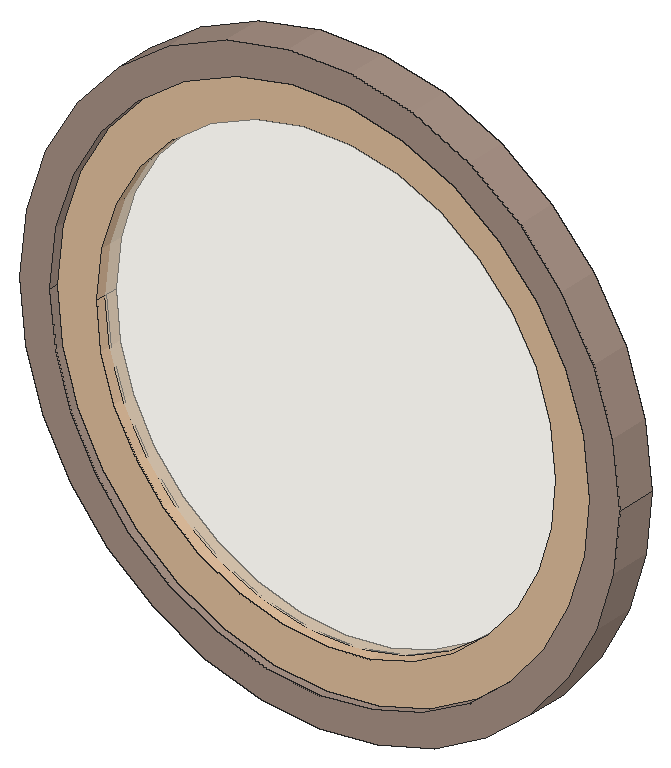
Revit family
Parameters (values of type "900 mm dia.")
  Shutter = Light Wood
  Radius = 450 mm
  Height = 900 mm
  Glass = Glass (2)
  Frame Depth = 60 mm
  Frame = Dark Wood
  Default Sill Height = 800 mm
  Wall Closure = (empty or 0)
  Width = 2 * Radius  # 900 mm
  Centre = Radius + Default Sill Height  # 1250 mm
Types (4, lengths in mm): name | Radius | Height | Width | Centre
  (no name) | 450 | 900 | 900 | 1250
  750 mm dia. | 375 | 1200 | 750 | 1175
  900 mm dia. | 450 | 900 | 900 | 1250
  1000 mm dia. | 500 | 1000 | 1000 | 1300
Reference planes
  plane 1: y = 0
  plane 2 "Center (Left/Right)": x = 0
  plane 3 "Exterior": y = 75
  plane 4 "Interior": y = -75
  plane 5: z = 1250
  plane 6: y = 30
  plane 7: y = -30
  plane 8: z = 800
  plane 9: x = 450
  plane 10: x = -450
  plane 11: x = -305
  plane 12: x = 305
Forms (mm)
  Sweep 1, solid, material "Dark Wood" <- "Frame"
    path origin (0, 0, 0) x (1, 0, 0) y (0, 0, 1)
      loop
        circle (0, 1250) r 450
    profile origin (0, 0, 0) x (0, 0, -1) y (0, -1, 0)
      loop
        line (-1700, 30) -> (-1700, -30) -> (-1655, -30) -> (-1655, 30) -> (-1700, 30)
  Extrusion 2, solid, material "Light Wood" <- "Shutter"
    sketch origin (0, 0, 0) x (1, 0, 0) y (0, 0, 1)
      loop
        circle (0, 1250) r 405
      loop
        circle (0, 1250) r 345
    from -17.5 to 17.5
  Extrusion 3, solid, material "Glass (2)" <- "Glass"
    sketch origin (0, 0, 0) x (1, 0, 0) y (0, 0, 1)
      loop
        circle (0, 1250) r 345
    from -2 to 2
Lines and regions (mm)
  Opening 1
    outline origin (3500, -75, 0) x (1, 0, 0) y (0, 0, 1)
      loop
        circle (-3500, 1250) r 450
  symbolic lines, style "WindowsFrameMullionProjection"
    curve 1: line (-405, 30, 0) -> (-405, -30, 0)
    curve 2: line (-405, -30, 0) -> (-450, -30, 0)
    curve 3: line (-450, -30, 0) -> (-450, 30, 0)
    curve 4: line (-450, 30, 0) -> (-405, 30, 0)
    curve 5: line (450, 30, 0) -> (405, 30, 0)
    curve 6: line (450, -30, 0) -> (450, 30, 0)
    curve 7: line (405, -30, 0) -> (450, -30, 0)
    curve 8: line (405, 30, 0) -> (405, -30, 0)
  symbolic lines, style "Plan Swing"
    curve 9: line (-405, 17.5, 0) -> (405, 17.5, 0)
    curve 10: line (-405, -17.5, 0) -> (405, -17.5, 0)
  symbolic lines, style "Plan Swing Coarse"
    curve 11: arc (-405, 0, 0) -> (-374.336, -113.239, 0) -> (-305, -207.874, 0) r 320.716
    curve 12: arc (405, 0, 0) -> (374.336, 113.239, 0) -> (305, 207.874, 0) r 320.716
    curve 13: line (-305, -207.874, 0) -> (305, 207.874, 0)
Text (mm)
  text "EXTERIOR" at (-1981.535, 863.181, 0), in view "Ref. Level"
  text "INTERIOR" at (-2017.992, -707.606, 0), in view "Ref. Level"
  text "Exterior" at (0, 923.751, 2943.296), in view "Right"
  text "Exterior" at (0, 1019.841, 2788.626), in view "Left"
Dimensions and locks
  locked: plane 3 "Exterior" to host wall
  locked: plane 4 "Interior" to host wall
  "Centre": plane 5 to level
  "Width": plane 10 to plane 9
  equal spacing: plane 10, plane 2 "Center (Left/Right)", plane 9
  locked: Sweep 1 sketch curve to Sweep 1 sketch curve at 45
  "Default Sill Height": plane 8 to level
  locked: plane 10 to plane 11 at 145
  locked: plane 12 to plane 9 at 145
  equal spacing: plane 6, plane 1, plane 7
  "Frame Depth": plane 6 to plane 7
  "Radius": radius of Opening 1 sketch curve
  "Radius": radius of Sweep 1
  aligned and locked: Sweep 1 sketch curve to host wall
  aligned and locked: profile plane to Sweep 1 sketch curve
  aligned and locked: Sweep 1 sketch curve to plane 6
  aligned and locked: Sweep 1 sketch curve to plane 7  (x2)
  aligned and locked: Extrusion 2 sketch curve to Sweep 1
  aligned and locked: Extrusion 3 sketch curve to Extrusion 2
  aligned and locked: Sweep 1 to curve 1  (x2)
  aligned and locked: curve 1 to Sweep 1
  aligned and locked: curve 3 to Sweep 1
  aligned and locked: curve 5 to Sweep 1  (x2)
  aligned and locked: curve 8 to Sweep 1  (x2)
  aligned and locked: curve 9 to Extrusion 2
  aligned and locked: curve 10 to Extrusion 2
  aligned and locked: curve 1 to curve 11
  aligned and locked: plane 11 to curve 11
  aligned and locked: plane 12 to curve 12
  aligned and locked: curve 8 to curve 12
Automatic sketch dimensions
  Opening 1 sketch curve to plane 2 "Center (Left/Right)" = 0 mm
  Opening 1 sketch curve to plane 5 = 0 mm
  Extrusion 2 sketch curve to plane 5 = 0 mm
  Extrusion 2 sketch curve to plane 2 "Center (Left/Right)" = 0 mm
  Extrusion 2 sketch curve to Extrusion 2 sketch curve = 60 mm
  curve 11 to host wall = 0 mm
  curve 12 to host wall = 0 mm
  curve 11 to plane 6 = 4.206 mm
  curve 11 to plane 2 "Center (Left/Right)" = 85.323 mm
  plane 7 to curve 12 = 4.206 mm
  plane 2 "Center (Left/Right)" to curve 12 = 85.323 mm
